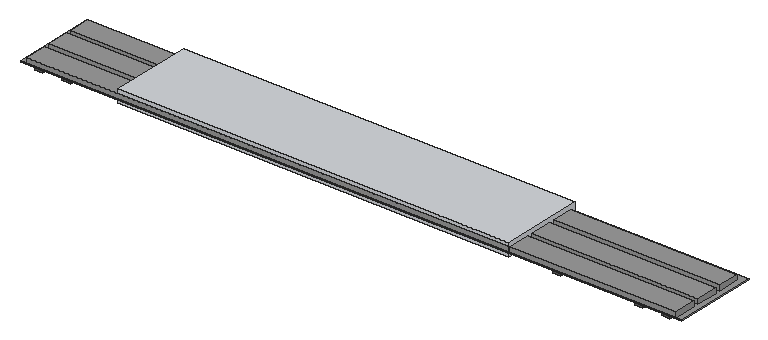
Revit family "2114-3, Veneer", category Generic Models, host Face, Revit 2020
Family settings
  Host = Face
  Can host rebar = No
  Round Connector Dimension = Use Diameter
  Part Type = Normal
  Cut with Voids When Loaded = No
  Shared = No
  Room Calculation Point = No
Parameters
  min_value [instance] = 1' - 11 1/4"  # constant formula
  max_value [instance] = 9' - 11 1/4"  # constant formula
  actual_value [instance] = if(NET LENGTH < min_value, min_value, if(NET LENGTH > max_value, max_value, NET LENGTH))  # 7' - 11 1/4"
  SCRIM MATERIAL [instance] = SCRIM
  SCRIM [instance] = yes
  NET LENGTH [instance] = 7' - 11 1/4"
  Default Elevation = 4' - 0"
  BACKER MATERIAL [instance] = BLACK-BACKERS
  .. MEMBER WIDTH [instance] = 0' - 3 1/4"  # constant formula
  .. MEMBER MATERIAL [instance] = Veneer Cherry
  .. MEMBER LENGTH [instance] = actual_value  # 7' - 11 1/4"
  .. MEMBER DEPTH [instance] = 0' - 0 3/4"  # constant formula
  .. MEMBER COUNT [instance] = 3  # constant formula
  IMPORTANT NOTE!!!                                                                             *Backer layout is for visualization purposes only, final layout to be determined by 9Wood. [instance] = ""
Reference planes (in)
  plane 1 "Center (Front/Back)": y = 0
  plane 2: z = 1.82209
  plane 3 "Center (Left/Right)": x = 0
Forms (in)
  Extrusion 1, solid
    sketch origin (132, -33.80483, 0) x (1, 0, 0) y (0, 1, 0)
      loop
        line (-118.625, 33.80483) -> (-61.26146, 33.80483) -> (-61.26146, 45.86733) -> (-118.625, 45.86733) -> (-118.625, 33.80483)
    from 1.82209 to 0
Dimensions and locks (in)
  aligned and locked: Extrusion 1 to plane 2
  aligned and locked: plane 3 "Center (Left/Right)" to nested 1
Nested families (in)
  nested 1: "1100 SERIES CONFIG" at (0, 2, 0), .. MEMBER DEPTH <- ".. MEMBER DEPTH", .. MEMBER LENGTH <- ".. MEMBER LENGTH", .. MEMBER WIDTH <- ".. MEMBER WIDTH", .. MEMBER MATERIAL <- ".. MEMBER MATERIAL", BACKING M MATERIAL <- "BACKER MATERIAL", SCRIM  MATERIAL <- "SCRIM MATERIAL", .. MEMBER COUNT <- ".. MEMBER COUNT", SCRIM <- "SCRIM", type "1100 SERIES CONFIG"
    with X 7' - 8", SCRIM OVERHANG 2 0' - 0 3/32", SCRIM OVERHANG 0' - 0 7/8", SCRIM LENGTH 8' - 1", SCRIM  MATERIAL SCRIM, SCRIM yes, NOMINAL LENGTH 7, N 8, Inset 6' - 0 3/8", INSET 0' - 1", INDEX 0' - 5 5/8", HALF MEMBER WIDTH 0' - 1 5/8", HALF LENGTH 3' - 11 5/8", END BACKER yes, BACKING M WIDTH 0' - 1 1/4", BACKING M OC SPACING 1' - 0", BACKING M MATERIAL BLACK-BACKERS, BACKING M LENGTH 0' - 11 7/8", BACKING M DEPTH 0' - 0 1/2", BACKING M COUNT 8, 3/16" INSET 0' - 0 3/16", .. MEMBER WIDTH 0' - 3 1/4", .. MEMBER OC SPACING 0' - 4", .. MEMBER MATERIAL Veneer Cherry, .. MEMBER LENGTH 7' - 11 1/4", .. MEMBER DEPTH 0' - 0 3/4", .. MEMBER COUNT 3
Definition of nested family "1100 SERIES CONFIG"
  Parameters (values of type "1100 SERIES CONFIG")
    X [instance] = .. MEMBER LENGTH - 0' 3 1/4"  # 5' - 5"
    SCRIM OVERHANG 2 [instance] = 0' - 0 3/32"  # constant formula
    SCRIM OVERHANG [instance] = 0' - 0 7/8"  # constant formula
    SCRIM LENGTH [instance] = .. MEMBER LENGTH + (SCRIM OVERHANG * 2)  # 5' - 10"
    SCRIM  MATERIAL [instance] = none
    SCRIM [instance] = yes
    NOMINAL LENGTH [instance] = 7
    N [instance] = if((X - (rounddown(X / 1' 0") * 1' 0")) > 1' 0", rounddown(X / 1' 0") + 2, rounddown(X / 1' 0") + 1)  # 6
    Inset [instance] = 6' - 0 3/8"  # constant formula
    INSET [instance] = 0' - 1"  # constant formula
    END BACKER [instance] = INDEX > 0' 3 5/8"  # yes
    INDEX [instance] = (.. MEMBER LENGTH - ((N - 1) * 1' 0")) / 2  # 0' - 4 1/8"
    HALF MEMBER WIDTH [instance] = .. MEMBER WIDTH / 2  # 0' - 0 5/16"
    HALF LENGTH [instance] = .. MEMBER LENGTH / 2  # 2' - 10 1/8"
    Default Elevation = 0' - 0"
    BACKING M WIDTH [instance] = 0' - 1 1/4"
    BACKING M SPACING = 3' - 3"
    BACKING M MATERIAL [instance] = none
    BACKING M LENGTH [instance] = 0' - 11 7/8"
    BACKING M DEPTH [instance] = 0' - 0 1/2"
    BACKING M COUNT [instance] = N  # 6
    BACKING M OC SPACING [instance] = 1' - 0"  # constant formula
    3/16" INSET [instance] = 0' - 0 3/16"  # constant formula
    .. MEMBER WIDTH [instance] = 0' - 0 5/8"
    .. MEMBER OC SPACING [instance] = 1' 0" / .. MEMBER COUNT  # 0' - 4"
    .. MEMBER MATERIAL [instance] = none
    .. MEMBER LENGTH [instance] = 5' - 8 1/4"
    .. MEMBER DEPTH [instance] = 0' - 1 3/8"
    .. MEMBER COUNT [instance] = 3
  Reference planes (in)
    plane 1 "Center (Front/Back)": y = -2
    plane 2: z = 0
    plane 3 "Center (Left/Right)": x = 0
    plane 4: x = 1
    plane 5: x = 4.125
    plane 6: x = 34.125
    plane 7: x = 68.25
    plane 8: x = 67.25
    plane 9: x = 16.125
    plane 10: y = -1.8125
    plane 11: y = -1.6875
    plane 12: y = 2.3125
    plane 13: x = 69.125
    plane 14: x = -0.875
    plane 15: z = 0.5
    plane 16: z = 0.5625
    plane 17: y = 10.0625
    plane 18: y = 10.15625
    plane 19: y = -2.09375
  Dimensions and locks (in)
    "INSET": plane 3 "Center (Left/Right)" to plane 4
    "INDEX": plane 3 "Center (Left/Right)" to plane 5
    "HALF LENGTH": plane 3 "Center (Left/Right)" to plane 6
    ".. MEMBER LENGTH": plane 3 "Center (Left/Right)" to plane 7
    "INSET": plane 8 to plane 7
    equal spacing: group 2, group 3, group 6, group 7, group 8, group 9  (x3)
    "3/16" INSET": plane 1 "Center (Front/Back)" to plane 10
    ".. MEMBER OC SPACING": plane 12 to plane 11
    "SCRIM OVERHANG": plane 14 to plane 3 "Center (Left/Right)"
    "SCRIM OVERHANG": plane 7 to plane 13
    equal spacing: group 1, group 4, group 5  (x2)
    equal spacing: group 5, group 4, group 1
    "HALF MEMBER WIDTH": plane 1 "Center (Front/Back)" to plane 11
    "BACKING M OC SPACING": plane 5 to plane 9
    "SCRIM OVERHANG 2": plane 18 to plane 17
    "SCRIM OVERHANG 2": plane 19 to plane 1 "Center (Front/Back)"
    aligned and locked: level to plane 2
    aligned and locked: plane 6 to nested 1
    aligned and locked: nested 2 to plane 4
    aligned and locked: plane 5 to nested 3
    aligned and locked: plane 1 "Center (Front/Back)" to nested 1
    aligned and locked: nested 2 to plane 10
    aligned and locked: nested 3 to plane 10
    aligned and locked: nested 5 to plane 10
    aligned and locked: nested 4 to plane 10
    aligned and locked: nested 6 to plane 14
    aligned and locked: plane 12 to nested 7
    aligned and locked: nested 7 to plane 3 "Center (Left/Right)"
    aligned and locked: plane 9 to nested 5
    aligned and locked: plane 8 to nested 4
    aligned and locked: plane 15 to nested 2
    aligned and locked: nested 6 to plane 15
    aligned and locked: nested 1 to plane 16
    aligned and locked: nested 7 to plane 16
    aligned and locked: nested 6 to plane 19
  Nested families (in)
    nested 1: "INSTANCE - Parametric Cube" at (34.125, -1.6875, 1.9375), Length <- ".. MEMBER WIDTH", Height <- ".. MEMBER DEPTH", Width <- ".. MEMBER LENGTH", Material <- ".. MEMBER MATERIAL", type "INSTANCE - Parametric Cube"
      with Width 5' - 8 1/4", Material none, Length 0' - 0 5/8", Height 0' - 1 3/8"
    nested 2: "2ND INSTANCE - Parametric Cube" at (1.625, 4.125, 0), Height <- "BACKING M DEPTH", Length <- "BACKING M LENGTH", Width <- "BACKING M WIDTH", Material <- "BACKING M MATERIAL", visible <- "END BACKER", type "2ND INSTANCE - Parametric Cube"
      with Width 0' - 1 1/4", Material none, Length 0' - 11 7/8", Height 0' - 0 1/2"
    nested 3: "2ND INSTANCE - Parametric Cube" at (4.125, 4.125, 0), Length <- "BACKING M LENGTH", Height <- "BACKING M DEPTH", Width <- "BACKING M WIDTH", Material <- "BACKING M MATERIAL", type "2ND INSTANCE - Parametric Cube"
      with Width 0' - 1 1/4", Material none, Length 0' - 11 7/8", Height 0' - 0 1/2"
    nested 4: "2ND INSTANCE - Parametric Cube" at (66.625, 4.125, 0), Width <- "BACKING M WIDTH", Length <- "BACKING M LENGTH", Height <- "BACKING M DEPTH", Material <- "BACKING M MATERIAL", visible <- "END BACKER", type "2ND INSTANCE - Parametric Cube"
      with Width 0' - 1 1/4", Material none, Length 0' - 11 7/8", Height 0' - 0 1/2"
    nested 5: "2ND INSTANCE - Parametric Cube" at (16.125, 4.125, 0), Length <- "BACKING M LENGTH", Height <- "BACKING M DEPTH", Width <- "BACKING M WIDTH", Material <- "BACKING M MATERIAL", type "2ND INSTANCE - Parametric Cube"
      with Width 0' - 1 1/4", Material none, Length 0' - 11 7/8", Height 0' - 0 1/2"
    nested 6: "3RD INSTANCE - Parametric Cube" at (34.125, 4.0445, 0.5), Width <- "SCRIM LENGTH", Material <- "SCRIM  MATERIAL", visible <- "SCRIM", type "3RD INSTANCE - Parametric Cube"
      with Width 5' - 10", Material none, Length 1' - 0.27649", Height 0' - 0 1/16"
    nested 7: "INSTANCE - Parametric Cube" at (34.125, 2.3125, 1.9375), Length <- ".. MEMBER WIDTH", Height <- ".. MEMBER DEPTH", Width <- ".. MEMBER LENGTH", Material <- ".. MEMBER MATERIAL", type "INSTANCE - Parametric Cube"
      with Width 5' - 8 1/4", Material none, Length 0' - 0 5/8", Height 0' - 1 3/8"
    nested 8: "INSTANCE - Parametric Cube" at (34.125, 6.3125, 1.9375), Length <- ".. MEMBER WIDTH", Height <- ".. MEMBER DEPTH", Width <- ".. MEMBER LENGTH", Material <- ".. MEMBER MATERIAL", type "INSTANCE - Parametric Cube"
      with Width 5' - 8 1/4", Material none, Length 0' - 0 5/8", Height 0' - 1 3/8"
    nested 9: "2ND INSTANCE - Parametric Cube" at (28.125, 4.125, 0), Length <- "BACKING M LENGTH", Height <- "BACKING M DEPTH", Width <- "BACKING M WIDTH", Material <- "BACKING M MATERIAL", type "2ND INSTANCE - Parametric Cube"
      with Width 0' - 1 1/4", Material none, Length 0' - 11 7/8", Height 0' - 0 1/2"
    nested 10: "2ND INSTANCE - Parametric Cube" at (40.125, 4.125, 0), Length <- "BACKING M LENGTH", Height <- "BACKING M DEPTH", Width <- "BACKING M WIDTH", Material <- "BACKING M MATERIAL", type "2ND INSTANCE - Parametric Cube"
      with Width 0' - 1 1/4", Material none, Length 0' - 11 7/8", Height 0' - 0 1/2"
    nested 11: "2ND INSTANCE - Parametric Cube" at (52.125, 4.125, 0), Length <- "BACKING M LENGTH", Height <- "BACKING M DEPTH", Width <- "BACKING M WIDTH", Material <- "BACKING M MATERIAL", type "2ND INSTANCE - Parametric Cube"
      with Width 0' - 1 1/4", Material none, Length 0' - 11 7/8", Height 0' - 0 1/2"
    nested 12: "2ND INSTANCE - Parametric Cube" at (64.125, 4.125, 0), Length <- "BACKING M LENGTH", Height <- "BACKING M DEPTH", Width <- "BACKING M WIDTH", Material <- "BACKING M MATERIAL", type "2ND INSTANCE - Parametric Cube"
      with Width 0' - 1 1/4", Material none, Length 0' - 11 7/8", Height 0' - 0 1/2"
  Definition of nested family "INSTANCE - Parametric Cube"
    Parameters (values of type "INSTANCE - Parametric Cube")
      Width [instance] = 0' - 6"
      Material [instance] = none
      Length [instance] = 1' - 0"
      Height [instance] = 1' - 6"
      Default Elevation = 0' - 0"
    Reference planes (in)
      plane 1 "Center (Front/Back)": y = 0
      plane 2: z = 0
      plane 3 "Center (Left/Right)": x = 0
      plane 4: x = -3
      plane 5: x = 3
      plane 6: y = 6
      plane 7: y = -6
      plane 8: z = -18
    Forms (in)
      Extrusion 1, solid, material <- "Material"
        sketch origin (0, 0, 0) x (1, 0, 0) y (0, 1, 0)
          loop
            line (-3, 6) -> (-3, -6) -> (3, -6) -> (3, 6) -> (-3, 6)
        from -18 to 0
    Dimensions and locks (in)
      equal spacing: plane 4, plane 3 "Center (Left/Right)", plane 5
      equal spacing: plane 6, plane 1 "Center (Front/Back)", plane 7
      "Length": plane 6 to plane 7
      "Width": plane 4 to plane 5
      "Height": plane 8 to level
      aligned and locked: plane 2 to level
      aligned and locked: Extrusion 1 sketch curve to plane 6
      aligned and locked: plane 4 to Extrusion 1 sketch curve
      aligned and locked: plane 7 to Extrusion 1 sketch curve
      aligned and locked: Extrusion 1 sketch curve to plane 5
      aligned and locked: Extrusion 1 to plane 8
  Definition of nested family "2ND INSTANCE - Parametric Cube"
    Parameters (values of type "2ND INSTANCE - Parametric Cube")
      Width [instance] = 0' - 6"
      Material [instance] = none
      Length [instance] = 1' - 0"
      Height [instance] = 1' - 6"
      Default Elevation = 0' - 0"
    Reference planes (in)
      plane 1 "Center (Front/Back)": y = 0
      plane 2: z = 0
      plane 3 "Center (Left/Right)": x = 0
      plane 4: x = -3
      plane 5: x = 3
      plane 6: y = 6
      plane 7: y = -6
      plane 8: z = 18
    Forms (in)
      Extrusion 1, solid, material <- "Material"
        sketch origin (0, 0, 0) x (1, 0, 0) y (0, 1, 0)
          loop
            line (-3, 6) -> (-3, -6) -> (3, -6) -> (3, 6) -> (-3, 6)
        from 0 to 18
    Dimensions and locks (in)
      equal spacing: plane 4, plane 3 "Center (Left/Right)", plane 5
      equal spacing: plane 6, plane 1 "Center (Front/Back)", plane 7
      "Length": plane 6 to plane 7
      "Width": plane 4 to plane 5
      "Height": level to plane 8
      aligned and locked: plane 2 to level
      aligned and locked: Extrusion 1 sketch curve to plane 6
      aligned and locked: plane 4 to Extrusion 1 sketch curve
      aligned and locked: plane 7 to Extrusion 1 sketch curve
      aligned and locked: Extrusion 1 sketch curve to plane 5
      aligned and locked: plane 8 to Extrusion 1
      aligned and locked: Extrusion 1 to level
  Definition of nested family "3RD INSTANCE - Parametric Cube"
    Parameters (values of type "3RD INSTANCE - Parametric Cube")
      Width [instance] = 0' - 6"
      Material [instance] = none
      Length [instance] = 1' - 0"
      Height [instance] = 1' - 6"
      Default Elevation = 0' - 0"
    Reference planes (in)
      plane 1 "Center (Front/Back)": y = 0
      plane 2: z = 0
      plane 3 "Center (Left/Right)": x = 0
      plane 4: x = -3
      plane 5: x = 3
      plane 6: y = 6
      plane 7: y = -6
      plane 8: z = 18
    Forms (in)
      Extrusion 1, solid, material <- "Material"
        sketch origin (0, 0, 0) x (1, 0, 0) y (0, 1, 0)
          loop
            line (-3, 6) -> (-3, -6) -> (3, -6) -> (3, 6) -> (-3, 6)
        from 0 to 18
    Dimensions and locks (in)
      equal spacing: plane 4, plane 3 "Center (Left/Right)", plane 5
      equal spacing: plane 6, plane 1 "Center (Front/Back)", plane 7
      "Length": plane 6 to plane 7
      "Width": plane 4 to plane 5
      "Height": level to plane 8
      aligned and locked: plane 2 to level
      aligned and locked: Extrusion 1 sketch curve to plane 6
      aligned and locked: plane 4 to Extrusion 1 sketch curve
      aligned and locked: plane 7 to Extrusion 1 sketch curve
      aligned and locked: Extrusion 1 sketch curve to plane 5
      aligned and locked: plane 8 to Extrusion 1
      aligned and locked: Extrusion 1 to level
